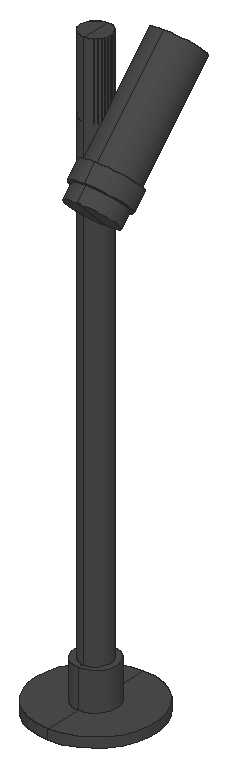
Revit family "Lighting-Accent-Amerlux-WMACCS", category Lighting Fixtures, host Face, Revit 2017
Family settings
  Host = Face
  Round Connector Dimension = Use Diameter
  Part Type = Normal
  Cut with Voids When Loaded = No
  Light Source = Yes
  Shared = No
  Room Calculation Point = No
Parameters
  Voltage = 0 V
  Tilt Angle = 45.00°
  Power Factor = 1
  Photometric Web File = "generic"
  Number of Poles = 1
  built-in parameter 1150142 = (empty or 0)
  Material = Black Finish
  Lamp = "LED"
  Input Wattage = ""
  Wattage = 26 W
  built-in parameter 1150110 = 1 (stored number, unit not read)
  URL = "http://www.amerlux.com"
  built-in parameter 1114217 = 1 (stored number, unit not read)
  built-in parameter 1150109 = 1 (stored number, unit not read)
  built-in parameter 1150134 = 12
  built-in parameter 1150113 = 1 (stored number, unit not read)
  Model = "WMACCS"
  Manufacturer = "Amerlux"
  built-in parameter 1150105 = 206.9 (stored number, unit not read)
  Lumens = 2600 lm
  built-in parameter 1150115 = 1 (stored number, unit not read)
  built-in parameter 1150137 = (empty or 0)
  built-in parameter 1150139 = (empty or 0)
  built-in parameter 1150112 = 1 (stored number, unit not read)
  built-in parameter 1150114 = 1 (stored number, unit not read)
  Keynote = ""
  built-in parameter 1150132 = (empty or 0)
  built-in parameter 1150102 = (empty or 0)
  built-in parameter 1150107 = 4000 (stored number, unit not read)
  built-in parameter 1150138 = (empty or 0)
  built-in parameter 1150106 = 2.069 (stored number, unit not read)
  Finish = ""
  Emit from Circle Diameter = 2"
  Emit Shape Visible in Rendering = yes
  built-in parameter 1150104 = 9.2903 (stored number, unit not read)
  Dimming Lamp Color Temperature Shift = (empty or 0)
  Description = "Small Wall Mount Accent"
  Default Elevation = 48"
  Color Filter = 16777215
  built-in parameter 1114218 = 1 (stored number, unit not read)
  built-in parameter 1150133 = 10 (stored number, unit not read)
  Assembly Code = ""
  Arm Length [instance] = 24"
  Apparent Load = 0 VA
Reference planes (in)
  plane 1 "Center (Front/Back)": y = 1.97868
  plane 2: z = 0
  plane 3 "Center (Left/Right)": x = -0.52541
  plane 4: z = 24
  plane 5: through (0, 4.03843, 23.25411) normal (0, -0.7071, 0.7071)
Forms (in)
  Revolve 1, solid, material "Black Finish" <- "Material"
    sketch origin (-0.52541, 0, 0) x (0, -1, 0) y (0, 0, 1)
      loop
        line (-2.8152, 0.3939) -> (-4.3152, 0.3939) -> (-4.3152, 0) -> (-1.97868, 0) -> (-1.97868, 24) -> (-2.5652, 24) -> (-2.5652, 1.8939) -> (-2.8152, 1.8939) -> (-2.8152, 0.3939)
      axis (-1.97868, 0) -> (-1.97868, 24)
    angle from 0 to 360
  Extrusion 2, solid, material "Black Finish" <- "Material"
    sketch origin (11, 0, 0) x (1, 0, 0) y (0, 1, 0)
      loop
        circle (-11.52541, 1.97868) r 0.58463
    from 21 to 24
  Revolve 3, solid, material "Black Finish" <- "Material"
    sketch origin (1.08448, -11.17655, 37.75523) x (0, -0.707107, -0.707107) y (0, 0.707107, -0.707107)
      loop
        line (-0.50478, 22.01245) -> (-0.50478, 21.01245) -> (5.49522, 21.01245) -> (5.49522, 22.01245) -> (-0.50478, 22.01245)
      axis (-0.50478, 21.01245) -> (5.49522, 21.01245)
    angle from 0 to 360
  Revolve 4, solid, material "Black Finish" <- "Material"
    sketch origin (1.08448, -11.17655, 37.75523) x (0, -0.707107, -0.707107) y (0, 0.707107, -0.707107)
      loop
        line (4.1298, 22.13389) -> (4.1298, 21.99013) -> (4.8798, 21.99013) -> (4.8798, 22.13389) -> (4.1298, 22.13389)
      axis (4.1298, 20.99013) -> (4.8798, 20.99013)
    angle from 0 to 360
Dimensions and locks (in)
  Revolve 1 sketch curve to Revolve 1 sketch curve to Revolve 1 sketch curve = 0.3939" locked, 1 1/2" locked
  "Arm Length": level to Revolve 1 sketch curve
  "Arm Length": plane 4 to level
  locked: Extrusion 2 to Extrusion 2 at 3
  aligned and locked: plane 2 to host face
  aligned: plane 1 "Center (Front/Back)" to imposter light
  aligned and locked: Revolve 1 sketch curve to level
  aligned and locked: plane 4 to Extrusion 2
  aligned and locked: imposter light to Revolve 3
  aligned and locked: imposter light to plane 5
Automatic sketch dimensions
  host sketch curve to host sketch curve = 25.56972"
  host sketch curve to host sketch curve = 17.28004"
  Revolve 3 sketch curve to plane 4 = 1.453"
  plane 1 "Center (Front/Back)" to Revolve 3 sketch curve = 2.76686"
  Revolve 3 sketch curve to Revolve 3 sketch curve = 6"
  Revolve 3 sketch curve to Revolve 3 sketch curve = 1"
  Revolve 3 sketch curve to Revolve 3 sketch curve = 0"  (x2)
  Revolve 3 sketch curve to Revolve 3 sketch curve = 2"
  Revolve 4 sketch curve to plane 1 "Center (Front/Back)" = 0.42442"
  Revolve 4 sketch curve to plane 4 = 4.81601"
  Revolve 4 sketch curve to Revolve 4 sketch curve = 3/4"
  Revolve 4 sketch curve to Revolve 4 sketch curve = 0.14375"
  Revolve 4 sketch curve to Revolve 4 sketch curve = 0"
  Revolve 4 sketch curve to Revolve 4 sketch curve = 1.61994"
  Revolve 4 sketch curve to Revolve 4 sketch curve = 1"
  Extrusion 2 sketch curve to plane 3 "Center (Left/Right)" = 0"
  plane 1 "Center (Front/Back)" to Extrusion 2 sketch curve = 0"
  Revolve 1 sketch curve to plane 1 "Center (Front/Back)" = 0"  (x2)
  plane 1 "Center (Front/Back)" to Revolve 1 sketch curve = 0.58652"
  Revolve 1 sketch curve to Revolve 1 sketch curve = 1/4"
  Revolve 1 sketch curve to Revolve 1 sketch curve = 1 1/2"
  Revolve 1 sketch curve to level = 9.09368"
  Revolve 1 sketch curve to Revolve 1 sketch curve = 21.59516"
  radius of Extrusion 2 sketch curve = 0.58463"
Connectors (in)
  electrical at (-0.52541, 1.97868, 0), driven by "Number of Poles", driven by "Voltage", driven by "Apparent Load", driven by "Power Factor"
    settings: on Revolve 1, index 1, voltage 0 V, apparent load 0 VA, apparent load phase1 0 VA, apparent load phase2 0 VA, apparent load phase3 0 VA, power factor 1, load classification "Other", number of poles 1, system type 31, power factor state 1, is connector primary yes, connector utility no, sub classification motor no, connector description ""
